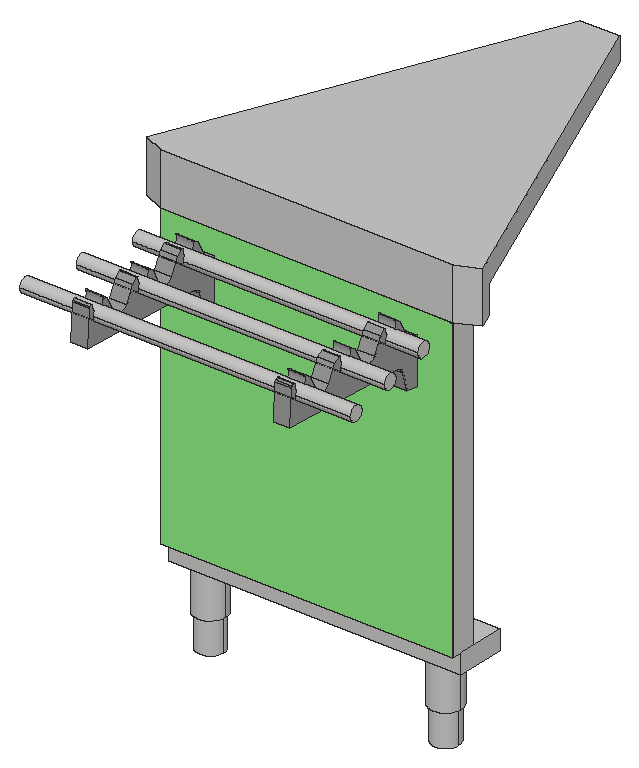
Revit family "QF_BOURGEAT_Self_Meuble_angle45_ouvert_cote_public", category Equipement spécialisé, Revit 2015
Parameters
  URL catalogue = "http://www.bourgeat.fr"
  Type article = ""
  Spécification du Fabricant = "Meuble d'angle 45°"
  Profondeur hors tout = 758 mm
  Modèle = "854242"
  Longueur hors tout = 932 mm
  Hauteur hors tout = 900 mm
  Fabricant = "BOURGEAT"
  Contact SAV = "0033(0)4.76.32.14.44"
Reference planes
  plane 1 "Centre (avant/arrière)": y = 0
  plane 2: z = 0
  plane 3 "Centre (gauche/droite)": x = 0
  plane 4: x = -250
  plane 5: x = 250
  plane 6: z = 690
Dimensions and locks
  equal spacing: plane 4, plane 3 "Centre (gauche/droite)", plane 5
  locked: plane 4 to plane 5 at 500
  aligned and locked: level to plane 2
  aligned and locked: nested 2 to nested 3
  aligned and locked: nested 2 to nested 4
  aligned and locked: plane 5 to nested 4
  aligned and locked: nested 3 to plane 4
  aligned and locked: nested 5 to plane 3 "Centre (gauche/droite)"
  aligned and locked: nested 5 to nested 1
  aligned and locked: nested 5 to plane 6
  aligned and locked: nested 2 to nested 1
Nested families
  nested 1: "corps_meuble" at (0, 0, 0), type "GN3_dessus_decoupe"
  nested 2: "dessus_45" at (0, 0, 840), type "GN3_dessus_decoupe"
  nested 3: "pied" at (-250, 56, 0), type "pied"
  nested 4: "pied" at (250, 56, 0), type "pied"
  nested 5: "barre_et_console" at (0, 1, 515) x (-1, 0, 0) z (0, 0, 1), type "barre_et_console"
Definition of nested family "corps_meuble"
  Parameters (values of type "GN3_dessus_decoupe")
    type_de_raccordement = "bornier"
    dessus_plat = no
    dessus_decoupe = yes
    demi_angle = angle_meuble / 2  # 22.50°
    angle_meuble = 45.00°
    URL_page_produit = "http://www.bourgeat.fr/fr/"
    URL_fiche_technique = "àvenir"
    URL_SAV = "à venir"
    URL = "http://www.bourgeat.fr/fr/"
    Tension = 1 V
    Roues = no
    Puissance_electrique = 0 W
    Profondeur_hors_tout = 820 mm
    Poids = "140Kg"
    Pieds = yes
    lgmeuble = Largeur_hors_tout - 68 mm  # 1141 mm
    lgconsole = Largeur_hors_tout - 44 mm  # 1165 mm
    lg_presentoir = lgmeuble - 44 mm  # 1097 mm
    lg_etagere = lgmeuble - 404 mm  # 737 mm
    Presentoir = no
    Nombre_pole = 2
    Niveau_sonore = ""
    Nature_isolant = "Laine de verre"
    Model = "Meuble_neutre_OASIS"
    Largeur_hors_tout = 1209 mm
    Intensite = Puissance_electrique / Tension  # 0 A
    Indice_protection = "21"
    Hauteur_hors_tout = 900 mm
    Frequence = "56/60Hz"
    Manufacturer = "BOURGEAT"
    Etageres = no
    Contact_SAV = "0033 (0)4.76.32.14.44"
    Consommation_energetique = ""
    Code_article = "854223"
    Classe_energetique = ""
    Classe_climatique = ""
    Charge_maximum = "150Kg"
    Certification = "NF alimentaire"
  Reference planes
    plane 1 "Centre (avant/arrière)": y = 0
    plane 2: z = 0
    plane 3 "Centre (gauche/droite)": x = 0
    plane 4: x = -42.5
    plane 5: x = 42.5
    plane 6: y = 777
    plane 7: x = 310
    plane 8: x = -310
    plane 9: x = 356.5
    plane 10: x = -356.5
    plane 11: y = 21
    plane 12: y = 125
    plane 13: z = 42
    plane 14: z = 160
    plane 15: z = 202
    plane 16: y = 54
    plane 17: y = 1
    plane 18: z = 840
  Forms (mm)
    Extrusion 1, solid
      sketch origin (0, 0, 0) x (1, 0, 0) y (0, 1, 0)
        loop
          line (-310, 125) -> (-310, 21) -> (310, 21) -> (310, 125) -> (-310, 125)
      from 160 to 202
    Extrusion 2, solid
      sketch origin (0, 0, 0) x (1, 0, 0) y (0, 1, 0)
        loop
          line (-310, 54) -> (-310, 1) -> (310, 1) -> (310, 54) -> (-310, 54)
      from 840 to 202
    Extrusion 3, solid
      sketch origin (0, 0, 0) x (1, 0, 0) y (0, 0, 1)
        loop
          line (-310, 840) -> (-310, 202) -> (310, 202) -> (310, 840) -> (-310, 840)
      from 0 to -1
  Dimensions and locks
    plane 4 to plane 5 = 85 mm
    locked: plane 6 to plane 1 "Centre (avant/arrière)" at 777
    equal spacing: plane 4, plane 3 "Centre (gauche/droite)", plane 5
    plane 8 to plane 3 "Centre (gauche/droite)" to plane 7 = 310 mm locked, 310 mm locked
    plane 10 to plane 3 "Centre (gauche/droite)" to plane 9 = 356.5 mm locked, 356.5 mm locked
    locked: plane 1 "Centre (avant/arrière)" to plane 11 at 21
    plane 12 to plane 11 = 104 mm
    locked: plane 14 to plane 2 at 160
    locked: plane 16 to plane 11 at 33
    plane 18 to plane 2 = 840 mm
    aligned and locked: level to plane 2
    aligned and locked: Extrusion 1 sketch curve to plane 8
    aligned and locked: Extrusion 1 sketch curve to plane 7
    aligned and locked: plane 11 to Extrusion 1 sketch curve
    aligned and locked: plane 12 to Extrusion 1
    aligned and locked: Extrusion 1 to plane 15
    aligned and locked: Extrusion 1 to plane 14
    aligned and locked: Extrusion 2 sketch curve to plane 16
    aligned and locked: Extrusion 2 sketch curve to plane 8
    aligned and locked: Extrusion 2 sketch curve to plane 17
    aligned and locked: Extrusion 2 sketch curve to plane 7
    aligned and locked: plane 18 to Extrusion 2
    aligned and locked: Extrusion 3 sketch curve to Extrusion 2  (x3)
    aligned and locked: Extrusion 3 sketch curve to Extrusion 1
    aligned and locked: Extrusion 3 to plane 17
  Automatic sketch dimensions
    Extrusion 1 sketch curve to plane 12 = 0 mm
Definition of nested family "dessus_45"
  Parameters (values of type "GN3_dessus_decoupe")
    type_de_raccordement = "bornier"
    dessus_plat = no
    dessus_decoupe = yes
    demi_angle = angle_meuble / 2  # 22.50°
    angle_meuble = 45.00°
    URL_page_produit = "http://www.bourgeat.fr/fr/"
    URL_fiche_technique = "àvenir"
    URL_SAV = "à venir"
    URL = "http://www.bourgeat.fr/fr/"
    Tension = 1 V
    Roues = no
    Puissance_electrique = 0 W
    Profondeur_hors_tout = 820 mm
    Poids = "140Kg"
    Pieds = yes
    lgmeuble = Largeur_hors_tout - 68 mm  # 1141 mm
    lgconsole = Largeur_hors_tout - 44 mm  # 1165 mm
    lg_presentoir = lgmeuble - 44 mm  # 1097 mm
    lg_etagere = lgmeuble - 404 mm  # 737 mm
    Presentoir = no
    Nombre_pole = 2
    Niveau_sonore = ""
    Nature_isolant = "Laine de verre"
    Model = "Meuble_neutre_OASIS"
    Largeur_hors_tout = 1209 mm
    Intensite = Puissance_electrique / Tension  # 0 A
    Indice_protection = "21"
    Hauteur_hors_tout = 900 mm
    Frequence = "56/60Hz"
    Manufacturer = "BOURGEAT"
    Etageres = no
    Contact_SAV = "0033 (0)4.76.32.14.44"
    Consommation_energetique = ""
    Code_article = "854223"
    Classe_energetique = ""
    Classe_climatique = ""
    Charge_maximum = "150Kg"
    Certification = "NF alimentaire"
  Reference planes
    plane 1 "Centre (avant/arrière)": y = 0
    plane 2: z = 0
    plane 3 "Centre (gauche/droite)": x = 0
    plane 4: z = 235
    plane 5: z = 465
    plane 6: z = 284
    plane 7: z = 640
    plane 8: x = -42.5
    plane 9: x = 42.5
    plane 10: y = 777
    plane 11: x = 310
    plane 12: x = -310
    plane 13: x = 356.5
    plane 14: x = -356.5
    plane 15: y = 21
    plane 16: z = 110
    plane 17: z = 60
    plane 18: y = 56
  Forms (mm)
    Extrusion 1, solid
      sketch origin (0, 0, 0) x (1, 0, 0) y (0, 1, 0)
        loop
          line (-42.743, 777) -> (-356.5, 21) -> (-310, 0) -> (310, 0) -> (356.5, 21) -> (42.257, 777) -> (-42.743, 777)
      from 0 to 110
    Extrusion 2, void
      sketch origin (0, 0, 0) x (0, 1, 0) y (0, 0, 1)
        loop
          line (56, 60) -> (56, -100) -> (916, -100) -> (916, 60) -> (56, 60)
      from -689.709 to 585.355
  Cuts and joins
    Extrusion 2 cuts Extrusion 1
  Dimensions and locks
    locked: plane 4 to plane 2 at 235
    locked: plane 6 to plane 2 at 284
    locked: plane 7 to plane 2 at 640
    plane 8 to plane 9 = 85 mm
    locked: plane 10 to plane 1 "Centre (avant/arrière)" at 777
    equal spacing: plane 8, plane 3 "Centre (gauche/droite)", plane 9
    plane 12 to plane 3 "Centre (gauche/droite)" to plane 11 = 310 mm locked, 310 mm locked
    plane 14 to plane 3 "Centre (gauche/droite)" to plane 13 = 356.5 mm locked, 356.5 mm locked
    locked: plane 1 "Centre (avant/arrière)" to plane 15 at 21
    locked: plane 16 to plane 2 at 110
    locked: plane 17 to plane 2 at 60
    locked: plane 15 to plane 18 at 35
    aligned and locked: level to plane 2
    aligned and locked: plane 15 to Extrusion 1 sketch curve
    aligned and locked: plane 1 "Centre (avant/arrière)" to Extrusion 1 sketch curve
    aligned and locked: plane 13 to Extrusion 1 sketch curve
    aligned and locked: Extrusion 1 sketch curve to plane 10
    aligned and locked: Extrusion 1 to plane 16
    aligned and locked: Extrusion 2 sketch curve to plane 17
    aligned and locked: Extrusion 2 sketch curve to plane 18
  Automatic sketch dimensions
    Extrusion 1 sketch curve to plane 14 = 0 mm
    Extrusion 1 sketch curve to plane 12 = 0 mm
    Extrusion 1 sketch curve to plane 11 = 0 mm
    Extrusion 1 sketch curve to plane 15 = 0 mm
    plane 8 to Extrusion 1 sketch curve = 0.243 mm
    plane 9 to Extrusion 1 sketch curve = 0.243 mm
    plane 10 to Extrusion 2 sketch curve = 139 mm
    Extrusion 2 sketch curve to level = 100 mm
Definition of nested family "pied"
  Reference planes
    plane 1 "Centre (avant/arrière)": y = 0
    plane 2: z = 0
    plane 3 "Centre (gauche/droite)": x = 0
  Forms (mm)
    Revolve 1, solid
      sketch origin (0, 0, 0) x (1, 0, 0) y (0, 0, 1)
        loop
          line (0, 160) -> (-33, 160) -> (-33, 70) -> (-28, 70) -> (-28, 0) -> (0, 0) -> (0, 160)
        axis (0, 160) -> (0, 0)
      angle from 0 to 360
  Dimensions and locks
    plane 3 "Centre (gauche/droite)" to Revolve 1 sketch curve = 28 mm
    Revolve 1 sketch curve to plane 3 "Centre (gauche/droite)" = 33 mm
    Revolve 1 sketch curve to plane 2 = 70 mm
    Revolve 1 sketch curve to Revolve 1 sketch curve = 90 mm
    aligned and locked: level to plane 2
Definition of nested family "barre_et_console"
  Parameters (values of type "barre_et_console")
    lg_ht = 2335 mm
    lg_barre_console = lg_ht - 44 mm  # 2291 mm
  Reference planes
    plane 1 "Centre (avant/arrière)": y = 0
    plane 2: z = 0
    plane 3 "Centre (gauche/droite)": x = 0
    plane 4: x = -215
    plane 5: x = 215
    plane 6: z = 320.378
    plane 7: z = 175
    plane 8: x = 303
    plane 9: x = -303
    plane 10: x = -327
    plane 11: x = 327
    plane 12: x = 350.5
    plane 13: x = -350.5
    plane 14: y = 70
  Dimensions and locks
    equal spacing: plane 9, plane 3 "Centre (gauche/droite)", plane 8
    plane 9 to plane 8 = 606 mm
    plane 10 to plane 11 = 654 mm
    locked: plane 13 to plane 12 at 701
    equal spacing: plane 10, plane 3 "Centre (gauche/droite)", plane 11
    equal spacing: plane 13, plane 3 "Centre (gauche/droite)", plane 12
    locked: plane 1 "Centre (avant/arrière)" to plane 14 at 70
    locked: plane 5 to plane 8 at 88
    locked: plane 9 to plane 4 at 88
    aligned and locked: level to plane 2
    aligned and locked: nested 1 to plane 1 "Centre (avant/arrière)"
    aligned and locked: plane 4 to nested 1
    aligned and locked: plane 5 to nested 2
    aligned and locked: plane 7 to nested 1
    aligned and locked: nested 3 to plane 3 "Centre (gauche/droite)"
    aligned and locked: nested 3 to plane 14
  Nested families
    nested 1: "console" at (-215, 0, 0) x (0, 1, 0) z (0, 0, 1), type "console"
    nested 2: "console" at (215, 0, 0) x (0, 1, 0) z (0, 0, 1), type "console"
    nested 3: "barre_angle" at (0, 379, 0) x (0, -1, 0) z (0, 0, 1), type "barre_angle"
  Definition of nested family "console"
    Reference planes
      plane 1 "Centre (avant/arrière)": y = 0
      plane 2: z = 0
      plane 3 "Centre (gauche/droite)": x = 0
      plane 4: y = 18
      plane 5: y = -18
      plane 6: y = 0
    Forms (mm)
      Extrusion 1, solid
        sketch origin (-12.245, 0, 175) x (1, 0, 0) y (0, 0, 1)
          loop
            line (12.245, 100) -> (12.245, 0) -> (39.579, 4.82) -> (50.894, 44.279)
            arc (50.894, 44.279) -> (55.986, 52.254) -> (64.592, 56.187) r 16.714
            line (64.592, 56.187) -> (348.499, 69.146) -> (343.309, 143.358)
            arc (343.309, 143.358) -> (342.973, 144.595) -> (342.189, 145.609) r 3.292
            line (342.189, 145.609) -> (337.923, 148.439)
            arc (337.923, 148.439) -> (337.371, 148.545) -> (336.906, 148.229) r 0.731
            arc (336.906, 148.229) -> (320.176, 130.386) -> (309.012, 152.149) r 14.958
            arc (309.012, 152.149) -> (308.597, 152.587) -> (308.001, 152.491) r 0.646
            line (308.001, 152.491) -> (297.265, 144.401) -> (278.874, 108.385)
            arc (278.874, 108.385) -> (262.102, 99.164) -> (245.329, 108.385) r 19.864
            line (245.329, 108.385) -> (229.634, 139.188) -> (217.945, 148.321)
            arc (217.945, 148.321) -> (217.306, 148.53) -> (216.976, 147.944) r 0.53
            arc (216.976, 147.944) -> (200.124, 130.629) -> (188.973, 152.064) r 14.905
            arc (188.973, 152.064) -> (188.691, 152.524) -> (188.154, 152.476) r 0.511
            line (188.154, 152.476) -> (177.098, 144.144) -> (158.855, 108.341)
            arc (158.855, 108.341) -> (142.039, 98.901) -> (125.223, 108.341) r 19.698
            line (125.223, 108.341) -> (109.334, 139.526) -> (97.932, 148.434)
            arc (97.932, 148.434) -> (97.187, 148.438) -> (96.994, 147.718) r 0.61
            arc (96.994, 147.718) -> (79.923, 130.663) -> (69.024, 152.192) r 14.902
            arc (69.024, 152.192) -> (68.66, 152.548) -> (68.158, 152.464) r 0.563
            line (68.158, 152.464) -> (57.103, 144.336) -> (39.164, 108.745)
            arc (39.164, 108.745) -> (33.443, 102.448) -> (25.295, 100) r 15.908
            line (25.295, 100) -> (12.245, 100)
        from -18 to 18
    Dimensions and locks
      plane 4 to plane 5 = 36 mm
      equal spacing: plane 4, plane 6, plane 5, locked at 18 each
      aligned and locked: level to plane 2
      aligned and locked: plane 4 to Extrusion 1
      aligned and locked: Extrusion 1 to plane 5
      aligned and locked: plane 6 to plane 1 "Centre (avant/arrière)"
      aligned and locked: Extrusion 1 to plane 3 "Centre (gauche/droite)"
    Automatic sketch dimensions
      Extrusion 1 sketch curve to Extrusion 1 sketch curve = 12.714 mm
      Extrusion 1 sketch curve to Extrusion 1 sketch curve = 13.05 mm
      Extrusion 1 sketch curve to Extrusion 1 sketch curve = 14.206 mm
      Extrusion 1 sketch curve to Extrusion 1 sketch curve = 27.334 mm
      Extrusion 1 sketch curve to Extrusion 1 sketch curve = 11.315 mm
      Extrusion 1 sketch curve to Extrusion 1 sketch curve = 17.938 mm
      Extrusion 1 sketch curve to Extrusion 1 sketch curve = 13.698 mm
      Extrusion 1 sketch curve to Extrusion 1 sketch curve = 16.057 mm
      Extrusion 1 sketch curve to Extrusion 1 sketch curve = 11.055 mm
      Extrusion 1 sketch curve to Extrusion 1 sketch curve = 0.333 mm
      Extrusion 1 sketch curve to Extrusion 1 sketch curve = 13.785 mm
      Extrusion 1 sketch curve to Extrusion 1 sketch curve = 15.28 mm
      Extrusion 1 sketch curve to Extrusion 1 sketch curve = 0.376 mm
      Extrusion 1 sketch curve to Extrusion 1 sketch curve = 11.401 mm
      Extrusion 1 sketch curve to Extrusion 1 sketch curve = 15.89 mm
      Extrusion 1 sketch curve to Extrusion 1 sketch curve = 16.816 mm  (x2)
      Extrusion 1 sketch curve to Extrusion 1 sketch curve = 18.243 mm
      Extrusion 1 sketch curve to Extrusion 1 sketch curve = 11.057 mm
      Extrusion 1 sketch curve to Extrusion 1 sketch curve = 0.308 mm
      Extrusion 1 sketch curve to Extrusion 1 sketch curve = 13.831 mm
      Extrusion 1 sketch curve to Extrusion 1 sketch curve = 15.204 mm
      Extrusion 1 sketch curve to Extrusion 1 sketch curve = 0.447 mm
      Extrusion 1 sketch curve to Extrusion 1 sketch curve = 11.69 mm
      Extrusion 1 sketch curve to Extrusion 1 sketch curve = 15.695 mm
      Extrusion 1 sketch curve to Extrusion 1 sketch curve = 16.772 mm  (x2)
      Extrusion 1 sketch curve to Extrusion 1 sketch curve = 18.391 mm
      Extrusion 1 sketch curve to Extrusion 1 sketch curve = 10.737 mm
      Extrusion 1 sketch curve to Extrusion 1 sketch curve = 0.389 mm
      Extrusion 1 sketch curve to Extrusion 1 sketch curve = 13.868 mm
      Extrusion 1 sketch curve to Extrusion 1 sketch curve = 15.261 mm
      Extrusion 1 sketch curve to Extrusion 1 sketch curve = 0.404 mm
      Extrusion 1 sketch curve to Extrusion 1 sketch curve = 2.506 mm
      Extrusion 1 sketch curve to Extrusion 1 sketch curve = 2.164 mm
      Extrusion 1 sketch curve to Extrusion 1 sketch curve = 1.12 mm
      Extrusion 1 sketch curve to Extrusion 1 sketch curve = 5.189 mm
      Extrusion 1 sketch curve to Extrusion 1 sketch curve = 4.639 mm
      Extrusion 1 sketch curve to Extrusion 1 sketch curve = 55.721 mm
      Extrusion 1 sketch curve to Extrusion 1 sketch curve = 8.745 mm
      Extrusion 1 sketch curve to Extrusion 1 sketch curve = 10.259 mm
      Extrusion 1 sketch curve to Extrusion 1 sketch curve = 10.642 mm
      Extrusion 1 sketch curve to Extrusion 1 sketch curve = 9.133 mm
      Extrusion 1 sketch curve to Extrusion 1 sketch curve = 31.185 mm
      Extrusion 1 sketch curve to Extrusion 1 sketch curve = 35.803 mm
      Extrusion 1 sketch curve to Extrusion 1 sketch curve = 35.592 mm
      Extrusion 1 sketch curve to Extrusion 1 sketch curve = 3.24 mm
      Extrusion 1 sketch curve to Extrusion 1 sketch curve = 2.946 mm
      Extrusion 1 sketch curve to Extrusion 1 sketch curve = 1.042 mm
      Extrusion 1 sketch curve to Extrusion 1 sketch curve = 0.609 mm
      Extrusion 1 sketch curve to Extrusion 1 sketch curve = 8.427 mm
      Extrusion 1 sketch curve to Extrusion 1 sketch curve = 0.286 mm
      Extrusion 1 sketch curve to Extrusion 1 sketch curve = 0.481 mm
      Extrusion 1 sketch curve to Extrusion 1 sketch curve = 0.516 mm
      Extrusion 1 sketch curve to Extrusion 1 sketch curve = 7.674 mm
      Extrusion 1 sketch curve to Extrusion 1 sketch curve = 7.924 mm
      Extrusion 1 sketch curve to Extrusion 1 sketch curve = 0.453 mm
      Extrusion 1 sketch curve to Extrusion 1 sketch curve = 0.408 mm
      Extrusion 1 sketch curve to Extrusion 1 sketch curve = 0.533 mm
      Extrusion 1 sketch curve to Extrusion 1 sketch curve = 0.511 mm
      Extrusion 1 sketch curve to Extrusion 1 sketch curve = 0.622 mm
      Extrusion 1 sketch curve to Extrusion 1 sketch curve = 4.82 mm
      Extrusion 1 sketch curve to Extrusion 1 sketch curve = 34.82 mm
      Extrusion 1 sketch curve to Extrusion 1 sketch curve = 76.232 mm
      Extrusion 1 sketch curve to Extrusion 1 sketch curve = 37.038 mm
      Extrusion 1 sketch curve to Extrusion 1 sketch curve = 39.239 mm
      Extrusion 1 sketch curve to Extrusion 1 sketch curve = 30.803 mm
      Extrusion 1 sketch curve to Extrusion 1 sketch curve = 34.743 mm
      Extrusion 1 sketch curve to Extrusion 1 sketch curve = 0.23 mm
      Extrusion 1 sketch curve to Extrusion 1 sketch curve = 36.015 mm
      Extrusion 1 sketch curve to Extrusion 1 sketch curve = 2.071 mm
      Extrusion 1 sketch curve to Extrusion 1 sketch curve = 7.575 mm
      Extrusion 1 sketch curve to plane 3 "Centre (gauche/droite)" = 0 mm
      level to Extrusion 1 sketch curve = 175 mm
  Definition of nested family "barre_angle"
    Parameters (values of type "barre_angle")
      lg_barre = 2291 mm
    Reference planes
      plane 1 "Centre (avant/arrière)": y = 0
      plane 2: z = 0
      plane 3 "Centre (gauche/droite)": x = 0
      plane 4: x = 70
      plane 5: x = 190
      plane 6: x = 309
      plane 7: z = 300.963
      plane 8: z = 94.658
      plane 9: y = 303
      plane 10: y = -303
      plane 11: y = 327
      plane 12: y = -327
      plane 13: y = 350.5
      plane 14: y = -350.5
    Forms (mm)
      Extrusion 1, solid
        sketch origin (0, 0, 0) x (1, 0, 0) y (0, 0, 1)
          loop
            circle (309, 300.963) r 15
        from 303 to -303
      Extrusion 2, solid
        sketch origin (0, 0, 0) x (1, 0, 0) y (0, 0, 1)
          loop
            circle (190, 300.963) r 15
        from -327 to 327
      Extrusion 3, solid
        sketch origin (0, 0, 0) x (1, 0, 0) y (0, 0, 1)
          loop
            circle (70, 300.963) r 15
        from -350.5 to 350.5
    Dimensions and locks
      plane 4 to plane 3 "Centre (gauche/droite)" = 70 mm
      plane 6 to plane 5 to plane 4 = 119 mm, 120 mm
      locked: plane 9 to plane 10 at 606
      equal spacing: plane 9, plane 1 "Centre (avant/arrière)", plane 10
      locked: plane 11 to plane 12 at 654
      equal spacing: plane 11, plane 1 "Centre (avant/arrière)", plane 12
      equal spacing: plane 13, plane 1 "Centre (avant/arrière)", plane 14
      locked: plane 13 to plane 14 at 701
      aligned and locked: level to plane 2
      aligned and locked: plane 10 to Extrusion 1
      aligned and locked: plane 11 to Extrusion 2
      aligned and locked: plane 13 to Extrusion 3
      aligned and locked: plane 14 to Extrusion 3
    Automatic sketch dimensions
      Extrusion 1 sketch curve to plane 6 = 0 mm
      Extrusion 1 sketch curve to plane 7 = 0 mm
      Extrusion 2 sketch curve to plane 5 = 0 mm
      Extrusion 2 sketch curve to plane 7 = 0 mm
      Extrusion 3 sketch curve to plane 4 = 0 mm
      Extrusion 3 sketch curve to plane 7 = 0 mm
      radius of Extrusion 1 sketch curve = 15 mm
      radius of Extrusion 2 sketch curve = 15 mm
      radius of Extrusion 3 sketch curve = 15 mm
